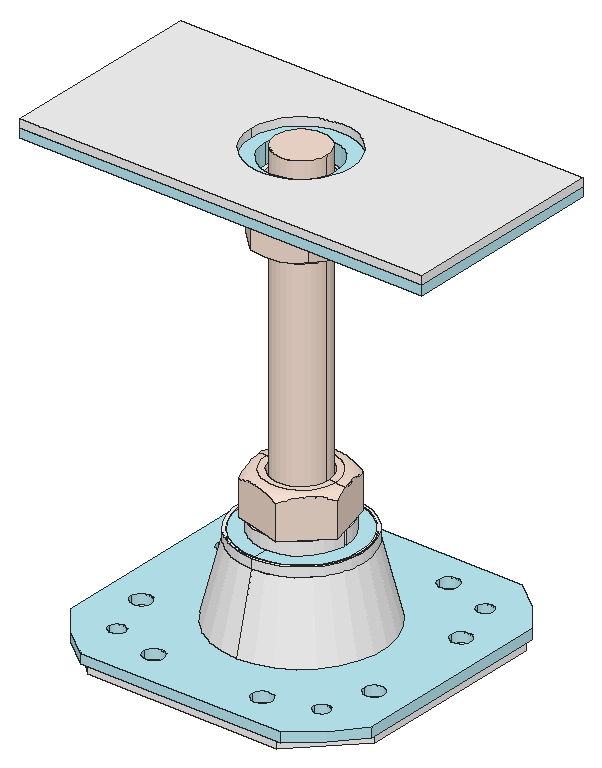
Revit family "GTクイーンND", category 機械設備, Revit 2020
Family settings
  丸型コネクタ寸法 = 直径を使用
  種別 = なし
  パーツ タイプ = 標準
  作業面ベース = いいえ
  常に垂直 = はい
  ロード時にボイドで切り取り = いいえ
  共有 = いいえ
  部屋計算ポイント = いいえ
Parameters
  製造元 = "株式会社桐井製作所"
  既定の高さ = 0 mm
  URL = "https://www.kirii.co.jp/"
  K_名称 = "GTクイーンND"
  K_備考 = "ボルト長さ60mm~250mmまで対応"
  K_バージョン情報 = "20230413"
Reference planes
  plane 1 "中心(正面/背面)": y = 0
  plane 2: z = 0
  plane 3 "中心(左/右)": x = 0
Dimensions and locks
  aligned and locked: level to plane 2
Nested families
  nested 1: "クッションゴムGTクイーン用" at (0.038, 0, 107.3), type "クッションゴムGTクイーン用"
  nested 2: "1／2”ボルト" at (0.038, 0, 0), type "1／2”ボルト"
    with K_長さ(mm) 110 mm
  nested 3: "受け金具GTクイーン用" at (0, 0, 107.3) x (1, 0, 0) z (0, 0, -1), type "受け金具GTクイーン用"
  nested 4: "1／2”ナット" at (0.076, 0, 99.1) x (1, 0, 0) z (0, 0, -1), type "1／2”ナット"
  nested 5: "1／2”スプリングワッシャー" at (-0.038, 0, 99.1), type "1／2”スプリングワッシャー"
  nested 6: "NDブロック" at (0, 0, 2), type "NDブロック"
  nested 7: "1／2”スプリングワッシャー" at (-0.038, 0, 24.6), type "1／2”スプリングワッシャー"
  nested 8: "1／2”ナット" at (0, 0, 27.8), type "1／2”ナット"
  nested 9: "GTクイーンND用ベースゴム" at (0, 0, 0), type "GTクイーンND用ベースゴム"
Definition of nested family "クッションゴムGTクイーン用"
  Parameters (values of type "クッションゴムGTクイーン用")
    Manufacturer = "株式会社桐井製作所"
    Default Elevation = 0 mm
    URL = "https://www.kirii.co.jp/"
    K_材質 = "天然ゴム"
    K_名称 = "クッションゴムGTクイーン用"
    K_単位質量(kg/個) = 0.013
    K_バージョン情報 = "20221219"
    K_JIS規格 = "JIS Ｋ 6386"
  Reference planes
    plane 1 "中心(正面/背面)": y = 0
    plane 2: z = 0
    plane 3 "中心(左/右)": x = 0
  Forms (mm)
    Extrusion 1, solid
      sketch origin (0, 0, -108.4) x (-1, 0, 0) y (0, 0, 1)
        loop
          line (50, 108.4) -> (50, 110.4) -> (-50, 110.4) -> (-50, 108.4) -> (50, 108.4)
      from -25 to 25
    Extrusion 2, void
      sketch origin (0, 0, 0) x (1, 0, 0) y (0, 1, 0)
        loop
          circle (0, 0) r 12.5
      from 0 to 2
  Cuts and joins
    Extrusion 2 cuts Extrusion 1
  Dimensions and locks
    aligned and locked: level to plane 2
Definition of nested family "1／2”ボルト"
  Parameters (values of type "1／2”ボルト")
    Manufacturer = "株式会社桐井製作所"
    Default Elevation = 0 mm
    URL = "https://www.kirii.co.jp/"
    K_長さ(mm) [instance] = 100 mm
    K_表面処理 = "JIS H 8610 電気亜鉛めっき1級以上　JIS H 8625 1級CM1A以上"
    K_材質 = "軟鋼線材　JIS G 3505　同等以上"
    K_名称 = "1/2”ボルト"
    K_単位質量(㎏/mm) = 0.075
    K_バージョン情報 = "20221219"
  Reference planes
    plane 1 "中心(正面/背面)": y = 0
    plane 2: z = 0
    plane 3 "中心(左/右)": x = 0
  Forms (mm)
    Extrusion 1, solid
      sketch origin (0.058, 0, 0) x (1, 0, 0) y (0, 1, 0)
        loop
          circle (-0.02, 0) r 6.35
      from 0 to 100
  Dimensions and locks
    "K_長さ(mm)": Extrusion 1 to Extrusion 1
    aligned and locked: level to plane 2
  Automatic sketch dimensions
    plane 1 "中心(正面/背面)" to Extrusion 1 sketch curve = 0 mm
    plane 3 "中心(左/右)" to Extrusion 1 sketch curve = 0.038 mm
    radius of Extrusion 1 sketch curve = 6.35 mm
Definition of nested family "受け金具GTクイーン用"
  Parameters (values of type "受け金具GTクイーン用")
    Manufacturer = "株式会社桐井製作所"
    Default Elevation = 0 mm
    URL = "https://www.kirii.co.jp/"
    K_表面処理 = "Z12以上"
    K_材質 = "溶融亜鉛めっき鋼板及び鋼帯 JIS G 3302"
    K_名称 = "GTクイーン用受け金具"
    K_単位質量(kg/個) = 0.092
    K_バージョン情報 = "20221219"
  Reference planes
    plane 1 "中心(正面/背面)": y = 0
    plane 2: z = 0
    plane 3 "中心(左/右)": x = 0
  Forms (mm)
    Extrusion 1, solid
      sketch origin (0, 0, 0) x (1, 0, 0) y (0, 0, 1)
        loop
          line (-50, 2.3) -> (-50, 0) -> (50, 0) -> (50, 2.3) -> (-50, 2.3)
      from -25 to 25
    Revolve 2, solid
      sketch origin (0, 0, 0) x (1, 0, 0) y (0, 0, 1)
        loop
          line (0, 5) -> (0, 2.3) -> (17.5, 2.3)
          arc (17.5, 2.3) -> (16.21, 4.247) -> (14, 5) r 3.619
          line (14, 5) -> (0, 5)
        axis (0, 5) -> (0, 2.3)
      angle from 0 to 360
    Extrusion 3, void
      sketch origin (0, 0, 0) x (1, 0, 0) y (0, 1, 0)
        loop
          circle (-0.139, 0) r 9
      from 0 to 5
    Extrusion 4, void
      sketch origin (0, 0, 0) x (1, 0, 0) y (0, 1, 0)
        loop
          circle (-35.139, -10) r 2
        loop
          circle (34.861, 10) r 2
      from 0 to 2.3
  Cuts and joins
    Extrusion 3, Extrusion 4 cuts Extrusion 1
    Extrusion 3, Extrusion 4 cuts Revolve 2
    joined: Extrusion 1, Revolve 2
  Dimensions and locks
    aligned and locked: level to plane 2
Definition of nested family "1／2”ナット"
  Parameters (values of type "1／2”ナット")
    Manufacturer = "株式会社桐井製作所"
    Default Elevation = 0 mm
    URL = "https://www.kirii.co.jp/"
    K_表面処理 = "JIS H 8610 電気亜鉛めっき1級以上　JIS H 8625 1級CM1A以上"
    K_材質 = "軟鋼線材 JIS G 3505 同等以上"
    K_名称 = "1/2\"ナット"
    K_単位質量(kg/個) = 0.021
    K_バージョン情報 = "20221219"
  Reference planes
    plane 1 "中心(正面/背面)": y = 0
    plane 2: z = 0
    plane 3 "中心(左/右)": x = 0
  Forms (mm)
    Revolve 1, solid
      sketch origin (0, 0, 2.36) x (1, 0, 0) y (0, 0, 1)
        loop
          line (7, 7.64) -> (7, -2.36) -> (13, -2.36) -> (13, 4.782)
          arc (13, 4.782) -> (11.208, 6.863) -> (8.573, 7.64) r 4.858
          line (8.573, 7.64) -> (7, 7.64)
        axis (0, 7.64) -> (0, -2.36)
      angle from 0 to 360
    Extrusion 2, void
      sketch origin (0, 0, 0) x (1, 0, 0) y (0, 1, 0)
        loop
          circle (0, 0) r 14
        loop
          line (3.138, 11.711) -> (-8.573, 8.573) -> (-11.711, -3.138) -> (-3.138, -11.711) -> (8.573, -8.573) -> (11.711, 3.138) -> (3.138, 11.711)
      from 0 to 10
  Cuts and joins
    Extrusion 2 cuts Revolve 1
  Dimensions and locks
    aligned and locked: level to plane 2
Definition of nested family "1／2”スプリングワッシャー"
  Parameters (values of type "1／2”スプリングワッシャー")
    Manufacturer = "株式会社桐井製作所"
    Default Elevation = 0 mm
    URL = "https://www.kirii.co.jp/"
    K_表面処理 = "JIS H 8610 電気亜鉛めっき1級以上　JIS H 8625 1級CM1A以上"
    K_材質 = "軟鋼線材 JIS G 3505 同等以上"
    K_名称 = "1/2”スプリングワッシャー"
    K_単位質量(kg/個) = 0.001
    K_バージョン情報 = "20221219"
  Reference planes
    plane 1 "中心(正面/背面)": y = 0
    plane 2: z = 0
    plane 3 "中心(左/右)": x = 0
  Forms (mm)
    Extrusion 1, solid
      sketch origin (0, 0, 0) x (1, 0, 0) y (0, 1, 0)
        loop
          line (10.989, 0.5) -> (7.984, 0.5)
          arc (7.984, 0.5) -> (-8, 0) -> (7.984, -0.5) r 8
          line (7.984, -0.5) -> (10.989, -0.5)
          arc (10.989, -0.5) -> (-11, 0) -> (10.989, 0.5) r 11
      from 0 to 3.2
  Dimensions and locks
    aligned and locked: level to plane 2
Definition of nested family "NDブロック"
  Parameters (values of type "NDブロック")
    Manufacturer = "株式会社桐井製作所"
    Default Elevation = 0 mm
    URL = "https://www.kirii.co.jp/"
    K_名称 = "NDブロック"
    K_バージョン情報 = "20230413"
  Reference planes
    plane 1 "中心(正面/背面)": y = 0
    plane 2: z = 0
    plane 3 "中心(左/右)": x = 0
  Forms (mm)
    Extrusion 1, solid
      sketch origin (0, 0, 0) x (1, 0, 0) y (0, 1, 0)
        loop
          line (24.875, 37.5) -> (-24.875, 37.5)
          arc (-24.875, 37.5) -> (-31.82, 31.82) -> (-37.5, 24.875) r 45
          line (-37.5, 24.875) -> (-37.5, -24.875)
          arc (-37.5, -24.875) -> (-31.82, -31.82) -> (-24.875, -37.5) r 45
          line (-24.875, -37.5) -> (24.875, -37.5)
          arc (24.875, -37.5) -> (31.82, -31.82) -> (37.5, -24.875) r 45
          line (37.5, -24.875) -> (37.5, 24.875)
          arc (37.5, 24.875) -> (31.82, 31.82) -> (24.875, 37.5) r 45
        loop
          circle (-29, 13.5) r 2.5
        loop
          circle (-25.456, 25.456) r 2
        loop
          circle (-13.5, 29) r 2.5
        loop
          circle (13.5, 29) r 2.5
        loop
          circle (25.456, 25.456) r 2
        loop
          circle (29, 13.5) r 2.5
        loop
          circle (29, -13.5) r 2.5
        loop
          circle (25.456, -25.456) r 2
        loop
          circle (13.5, -29) r 2.5
        loop
          circle (-13.5, -29) r 2.5
        loop
          circle (-25.456, -25.456) r 2
        loop
          circle (-29, -13.5) r 2.5
      from 0 to 2.3
    Revolve 2, solid
      sketch origin (0, 0, 0) x (0, 1, 0) y (0, 0, 1)
        loop
          line (-20, 2.3) -> (0, 2.3) -> (0, 20.3) -> (-14.7, 20.3) -> (-14.7, 22.6) -> (-15.5, 22.6) -> (-15.5, 20.3) -> (-20, 2.3)
        axis (0, 2.3) -> (0, 22.6)
      angle from 0 to 360
    Extrusion 3, void
      sketch origin (0, 0, 0) x (1, 0, 0) y (0, 1, 0)
        loop
          circle (0, 0) r 6
      from 0 to 20.3
    Revolve 4, solid
      sketch origin (0, 0, 0) x (0, 1, 0) y (0, 0, 1)
        loop
          line (-15, 22.6) -> (-15, 20.3) -> (-6, 20.3) -> (-6, 22.6) -> (-15, 22.6)
        axis (0, 20.3) -> (0, 22.6)
      angle from 0 to 360
  Cuts and joins
    Extrusion 3 cuts Revolve 2
    Extrusion 3 cuts Extrusion 1
  Dimensions and locks
    aligned and locked: level to plane 2
Definition of nested family "GTクイーンND用ベースゴム"
  Parameters (values of type "GTクイーンND用ベースゴム")
    Manufacturer = "株式会社桐井製作所"
    Default Elevation = 0 mm
    URL = "https://www.kirii.co.jp/"
    K_名称 = "GTクイーンND用ベースゴム"
    K_バージョン情報 = "20230413"
  Reference planes
    plane 1 "中心(正面/背面)": y = 0
    plane 2: z = 0
    plane 3 "中心(左/右)": x = 0
  Forms (mm)
    Extrusion 1, solid
      sketch origin (0, 0, 0) x (1, 0, 0) y (0, 1, 0)
        loop
          line (-23.5, 37) -> (-37, 23.5) -> (-37, -23.5) -> (-23.5, -37) -> (23.5, -37) -> (37, -23.5) -> (37, 23.5) -> (23.5, 37) -> (-23.5, 37)
        loop
          circle (0, 0) r 7.5
      from 0 to 2
  Dimensions and locks
    aligned and locked: level to plane 2
